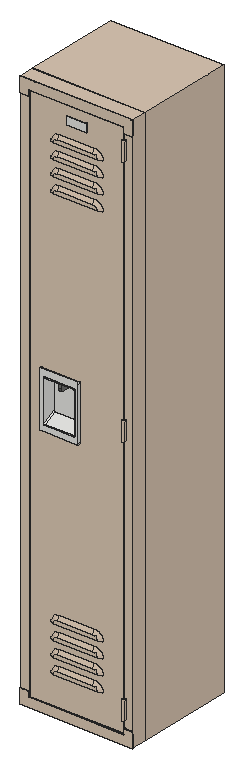
Revit family "Locker_SalsburyInd_Metal-1-Tier-Single", category Specialty Equipment, Revit 2026 (continued)
Definition of nested family "ML_Base Type"
  Automatic sketch dimensions
    Extrusion 2 sketch curve to plane 5 "Left Side of Unit" = 0.000"
    plane 8 "Front of Unit" to Extrusion 2 sketch curve = 0.000"
    Extrusion 2 sketch curve to plane 20 "Inside Edge or Left Rear Leg" = 0.000"
    plane 14 to Extrusion 2 sketch curve = 0.060"
    plane 8 "Front of Unit" to Extrusion 2 sketch curve = 0.060"
    plane 10 "Left Side of Door Opening" to Extrusion 2 sketch curve = 0.060"
    plane 5 "Left Side of Unit" to Extrusion 2 sketch curve = 0.060"
    plane 11 "Back Edge of Front Facing" to Extrusion 1 sketch curve = 0.000"
    Extrusion 1 sketch curve to plane 13 "Inside Edge of Right Leg" = 0.000"
    plane 14 to Extrusion 1 sketch curve = 0.000"
    Extrusion 1 sketch curve to plane 6 "Right Side of Unit" = 0.000"
    plane 8 "Front of Unit" to Extrusion 1 sketch curve = 0.000"
    Extrusion 1 sketch curve to plane 19 "Inside Edge or Rear Right Leg" = 0.000"
    Extrusion 1 sketch curve to plane 14 = 0.060"
    Extrusion 1 sketch curve to plane 8 "Front of Unit" = 0.060"
    plane 9 "Right Side of Door Opening" to Extrusion 1 sketch curve = 0.060"
    plane 6 "Right Side of Unit" to Extrusion 1 sketch curve = 0.060"
Definition of nested family "ML_Base Side"
  Parameters (values of type "Zee Base Corner")
    Zee Corner = yes
    Zee = no
    Width including Rivet [instance] = 1.290"
    Leg = no
    Locker Depth [instance] = 12.010"
    Version = "1.0 (11/30/15)"
    Type Comments = "End Base for Standard Metal Lockers"
    Model = ""
    MasterFormat Title = ""
    MasterFormat Number = ""
    Manufacturer = "Salsbury Industries"
    Finish [instance] = none
    Description = ""
    Width = 4.000"
    Height = 4.000"
    Default Elevation = 0.000"
    Assembly Code = ""
  Types (4): name | Zee Corner | Zee | Leg | Locker Depth
    Leg Side Base Cover | no | no | yes | 10.362"
    Zee Base Cover | no | yes | no | 12.010"
    None | yes | no | no | 10.362"
    Zee Base Corner | yes | no | no | 12.010"
  Reference planes (in)
    plane 1 "Center (Front/Back)": y = 0
    plane 2: z = 0
    plane 3 "Center (Left/Right)": x = 3.99
    plane 4 "Floor": z = 0
    plane 5 "Locker Edge": x = 5.99
    plane 6 "Left Edge of Enclosure": y = -4.357
    plane 7 "Right Edge of Enclosure": y = 6.005
    plane 8 "Bottom Edge of Enclosure": z = 0.06
    plane 9 "Left Edge of Base": x = 1.99
    plane 10: y = -6.005
  Forms (in)
    Extrusion 1, solid, material <- "Finish", visible <- "Zee"
      sketch origin (0, 0, 0) x (0, -1, 0) y (1, 0, 0)
        loop
          line (-6.005, 1.99) -> (4.357, 1.99) -> (4.357, 5.99) -> (-6.005, 5.99) -> (-6.005, 1.99)
      from 0.06 to 4
    Extrusion 2, solid, material <- "Finish", visible <- "Leg"
      sketch origin (5.99, 0.794, 0) x (0, 0, -1) y (0, -1, 0)
        loop
          line (-6, 5.211) -> (-6, -4.211) -> (-0.06, -4.211) -> (-0.06, 5.211) -> (-6, 5.211)
      from 0 to 1.25
    Extrusion 3, solid, material <- "Finish", visible <- "Zee Corner"
      sketch origin (6.99, -5.357, 0) x (1, 0, 0) y (0, 1, 0)
        loop
          line (-1, 1) -> (-1, 0.94) -> (0.94, 0.94) -> (0.94, -1) -> (1, -1) -> (1, 1) -> (-1, 1)
      from 0 to 3.94
  Dimensions and locks (in)
    "Width": plane 9 "Left Edge of Base" to plane 5 "Locker Edge"
    equal spacing: plane 9 "Left Edge of Base", plane 3 "Center (Left/Right)", plane 5 "Locker Edge"
    locked: plane 4 "Floor" to plane 8 "Bottom Edge of Enclosure" at 0.06
    equal spacing: plane 10, plane 1 "Center (Front/Back)", plane 7 "Right Edge of Enclosure"
    "Locker Depth": plane 10 to plane 7 "Right Edge of Enclosure"
    locked: plane 6 "Left Edge of Enclosure" to plane 10 at 1.648
    locked: plane 10 to Extrusion 2 sketch curve at 1.588
    locked: Extrusion 2 sketch curve to plane 7 "Right Edge of Enclosure" at 1
    aligned and locked: level to plane 2
    aligned and locked: Extrusion 1 to plane 7 "Right Edge of Enclosure"
    aligned and locked: plane 8 "Bottom Edge of Enclosure" to Extrusion 1
    aligned and locked: Extrusion 1 sketch curve to plane 9 "Left Edge of Base"
  Automatic sketch dimensions
    Extrusion 1 sketch curve to plane 5 "Locker Edge" = 0.000"
    plane 7 "Right Edge of Enclosure" to Extrusion 1 sketch curve = 0.000"
    Extrusion 1 sketch curve to plane 6 "Left Edge of Enclosure" = 0.000"
    level to Extrusion 2 sketch curve = 0.060"
    Extrusion 2 sketch curve to plane 8 "Bottom Edge of Enclosure" = 5.940"
    Extrusion 3 sketch curve to plane 5 "Locker Edge" = 0.000"
    plane 6 "Left Edge of Enclosure" to Extrusion 3 sketch curve = 0.000"
    plane 6 "Left Edge of Enclosure" to Extrusion 3 sketch curve = 0.060"
    Extrusion 3 sketch curve to Extrusion 3 sketch curve = 1.940"
    Extrusion 3 sketch curve to Extrusion 3 sketch curve = 0.060"
    Extrusion 3 sketch curve to plane 10 = 0.352"
Definition of nested family "ML_End Panel"
  Parameters (values of type "Double")
    controldepth [instance] = if(Single End Panel, Depth, Depth * 2)  # 24.020"
    Width = 0.925"
    Visible = yes
    Version = "1.0 (11/30/15)"
    Type Comments = "Finished Double End Panel for Standard Metal Lockers"
    Single End Panel = no
    Model = ""
    MasterFormat Title = ""
    MasterFormat Number = ""
    Manufacturer = "Salsbury Industries"
    Height [instance] = 60.000"
    Finish [instance] = none
    Description = "Double End Panel"
    Depth [instance] = 12.010"
    Default Elevation = 0.000"
    Base Height [instance] = 0.750"
    Assembly Code = ""
  Types (3): name | controldepth | Visible | Type Comments | Single End Panel | Model | Height | Description
    Single | 12.010" | yes | "Finished End Panel for Standard Metal Lockers" | yes | "" | 60.000" | "End Panel"
    None | 12.010" | no | "Finished End Panel for Standard Metal Lockers" | yes | "n/a" | 72.000" | ""
    Double | 24.020" | yes | "Finished Double End Panel for Standard Metal Lockers" | no | "" | 60.000" | "Double End Panel"
  Reference planes (in)
    plane 1 "Center (Front/Back)": y = -2.167
    plane 2: z = 0
    plane 3 "Center (Left/Right)": x = -4.595
    plane 4 "Bottom of Panel": z = 0
    plane 5 "Top of Panel": z = 60
    plane 6 "Front of Panel": y = -14.177
    plane 7 "Right Side of Enclosure": x = -4.1325
    plane 8 "Left Side of Enclosure": x = -5.0575
    plane 9 "Back of Panel": y = 9.843
    plane 10: z = 30
    plane 11: z = 58.283
    plane 12: z = 1.717
    plane 13 "Outside Edge of Front Flap": y = -14.23714
    plane 14 "Outside Edge of Back Flap": y = 9.903
    plane 15: z = -0.75
  Forms (in)
    Extrusion 1, solid, material <- "Finish", visible <- "Visible"
      sketch origin (-4.1325, 0.48244, 0) x (0, 0, -1) y (0, -1, 0)
        loop
          line (-60, 14.71958) -> (-60, -9.42056) -> (0.75, -9.42056) -> (0.75, 14.71958) -> (-60, 14.71958)
      from 0 to -0.06
    Extrusion 2, solid, material <- "Finish", visible <- "Visible"
      sketch origin (0, 9.843, 0) x (0, 0, -1) y (1, 0, 0)
        loop
          line (-60, -5.0575) -> (0.75, -5.0575) -> (0.75, -4.1325) -> (-60, -4.1325) -> (-60, -5.0575)
      from 0 to -0.06
    Extrusion 3, solid, material <- "Finish", visible <- "Visible"
      sketch origin (0, -14.177, 0) x (1, 0, 0) y (0, 0, 1)
        loop
          line (-5.0575, 58.283) -> (-5.0575, 1.717) -> (-4.1325, 1.717) -> (-4.1325, 58.283) -> (-5.0575, 58.283)
      from 0.06014 to 0
  Dimensions and locks (in)
    equal spacing: plane 6 "Front of Panel", plane 1 "Center (Front/Back)", plane 9 "Back of Panel"
    "controldepth": plane 6 "Front of Panel" to plane 9 "Back of Panel"
    equal spacing: plane 8 "Left Side of Enclosure", plane 3 "Center (Left/Right)", plane 7 "Right Side of Enclosure"
    "Width": plane 8 "Left Side of Enclosure" to plane 7 "Right Side of Enclosure"
    locked: plane 5 "Top of Panel" to plane 11 at 1.717
    locked: plane 13 "Outside Edge of Front Flap" to plane 6 "Front of Panel" at 0.06014
    locked: plane 9 "Back of Panel" to plane 14 "Outside Edge of Back Flap" at 0.06
    "Base Height": level to plane 15
    locked: plane 12 to level at 1.717
    equal spacing: plane 5 "Top of Panel", plane 10, level
    "Height": plane 5 "Top of Panel" to level
    aligned and locked: level to plane 2
    aligned and locked: plane 5 "Top of Panel" to Extrusion 1 sketch curve
    aligned and locked: plane 5 "Top of Panel" to Extrusion 2 sketch curve
    aligned and locked: Extrusion 2 to plane 9 "Back of Panel"
    aligned and locked: plane 11 to Extrusion 3 sketch curve
    aligned and locked: plane 6 "Front of Panel" to Extrusion 3
    aligned and locked: plane 14 "Outside Edge of Back Flap" to Extrusion 2
    aligned and locked: Extrusion 1 to plane 14 "Outside Edge of Back Flap"
    aligned and locked: plane 13 "Outside Edge of Front Flap" to Extrusion 3
    aligned and locked: plane 7 "Right Side of Enclosure" to Extrusion 2
    aligned and locked: Extrusion 3 to plane 7 "Right Side of Enclosure"
    aligned and locked: Extrusion 1 to plane 15
    aligned and locked: Extrusion 2 to plane 15
  Automatic sketch dimensions
    Extrusion 1 sketch curve to level = 0.750"
    Extrusion 2 sketch curve to level = 0.750"
    plane 8 "Left Side of Enclosure" to Extrusion 2 sketch curve = 0.000"
    plane 7 "Right Side of Enclosure" to Extrusion 2 sketch curve = 0.000"
    plane 8 "Left Side of Enclosure" to Extrusion 3 sketch curve = 0.000"
    Extrusion 3 sketch curve to plane 12 = 0.000"
    plane 7 "Right Side of Enclosure" to Extrusion 3 sketch curve = 0.000"
    Extrusion 1 sketch curve to plane 14 "Outside Edge of Back Flap" = 0.000"
    plane 6 "Front of Panel" to Extrusion 1 sketch curve = 0.06014"
Definition of nested family "ML_Front Filler"
  Parameters (values of type "Width as Specified")
    Width [instance] = 9.000"
    Visible = yes
    Version = "1.0 (11/30/15)"
    Type Comments = "Vertical Front Filler for Standard Metal Lockers"
    Model = ""
    MasterFormat Title = ""
    MasterFormat Number = ""
    Manufacturer = "Salsbury Industries"
    Height [instance] = 60.000"
    Finish [instance] = none
    Description = "Vertical Front Filler"
    Depth = 1.000"
    Default Elevation = 48.000"
    Base Height [instance] = 3.000"
    Assembly Code = ""
  Types (2): name | Width | Visible | Model | Height | Description | Depth
    None | 15.000" | no | "n/a" | 78.000" | "" | 1.500"
    Width as Specified | 9.000" | yes | "" | 60.000" | "Vertical Front Filler" | 1.000"
  Reference planes (in)
    plane 1 "Center (Front/Back)": y = -2.167
    plane 2: z = 0
    plane 3 "Center (Left/Right)": x = -4.595
    plane 4 "Bottom of Filler": z = 0
    plane 5 "Top of Panel": z = 63
    plane 6 "Front of Filler": y = -2.667
    plane 7 "Right Side of Filler": x = -0.095
    plane 8 "Left Side of Filler": x = -9.095
    plane 9 "Back of Filler": y = -1.667
    plane 10: z = 33
    plane 11: z = 3
  Forms (in)
    Extrusion 1, solid, material <- "Finish", visible <- "Visible"
      sketch origin (0, 0, 0) x (0, -1, 0) y (1, 0, 0)
        loop
          line (1.667, -9.095) -> (2.667, -9.095) -> (2.667, -1.095) -> (2.619, -1.095) -> (2.619, -9.047) -> (1.667, -9.047) -> (1.667, -9.095)
      from 0 to 63
    Extrusion 2, solid, material <- "Finish", visible <- "Visible"
      sketch origin (0, -0.20425, 0) x (0, -1, 0) y (1, 0, 0)
        loop
          line (1.55875, -0.095) -> (1.55875, -0.143) -> (2.51075, -0.143) -> (2.51075, -0.82524) -> (2.36675, -0.82524) -> (2.36675, -1.80024) -> (2.41475, -1.80024) -> (2.41475, -1.095) -> (2.46275, -1.095) -> (2.46275, -1.595) -> (2.55875, -1.595) -> (2.55875, -0.095) -> (1.55875, -0.095)
      from 0 to 63
  Dimensions and locks (in)
    equal spacing: plane 6 "Front of Filler", plane 1 "Center (Front/Back)", plane 9 "Back of Filler"
    "Depth": plane 6 "Front of Filler" to plane 9 "Back of Filler"
    equal spacing: plane 8 "Left Side of Filler", plane 3 "Center (Left/Right)", plane 7 "Right Side of Filler"
    "Width": plane 8 "Left Side of Filler" to plane 7 "Right Side of Filler"
    "Height": plane 5 "Top of Panel" to plane 11
    equal spacing: plane 5 "Top of Panel", plane 10, plane 11
    "Base Height": plane 11 to level
    locked: Extrusion 1 sketch curve to plane 7 "Right Side of Filler" at 1
    Extrusion 2 sketch curve to Extrusion 2 sketch curve to Extrusion 2 sketch curve to Extrusion 2 sketch curve to plane 7 "Right Side of Filler" = 0.20524" locked, 0.500" locked, 0.26976" locked, 0.73024" locked
    aligned and locked: level to plane 2
    aligned and locked: Extrusion 1 to plane 5 "Top of Panel"
    aligned and locked: Extrusion 2 to plane 5 "Top of Panel"
  Automatic sketch dimensions
    plane 9 "Back of Filler" to Extrusion 1 sketch curve = 0.000"
    plane 6 "Front of Filler" to Extrusion 1 sketch curve = 0.000"
    Extrusion 1 sketch curve to plane 8 "Left Side of Filler" = 0.000"
    Extrusion 1 sketch curve to plane 6 "Front of Filler" = 0.048"
    Extrusion 1 sketch curve to Extrusion 1 sketch curve = 0.048"
    Extrusion 2 sketch curve to plane 7 "Right Side of Filler" = 0.000"
    plane 6 "Front of Filler" to Extrusion 2 sketch curve = 0.000"
    Extrusion 2 sketch curve to plane 6 "Front of Filler" = 0.048"
    Extrusion 2 sketch curve to Extrusion 2 sketch curve = 0.048"  (x2)
    plane 9 "Back of Filler" to Extrusion 2 sketch curve = 0.096"
    Extrusion 2 sketch curve to Extrusion 2 sketch curve = 0.096"
    plane 7 "Right Side of Filler" to Extrusion 2 sketch curve = 0.048"
Definition of nested family "ML_Top Filler"
  Parameters (values of type "Flat Top In-Line")
    Width [instance] = 15.000"
    Version = "1.0 (11/30/15)"
    Type Comments = "Flat Top In-Line Filler for Standard Metal Lockers"
    Sloped Height [instance] = if(Depth = 12.000", 6.625", if(Depth = 15.000", 8.682", if(Depth = 18.000", 10.739", 0.000")))  # 6.625"
    SlopeInline = no
    SlopeCorner = no
    Model = ""
    MasterFormat Title = ""
    MasterFormat Number = ""
    Manufacturer = "Salsbury Industries"
    FlatInline = yes
    FlatCorner = no
    Finish [instance] = none
    Description = "Flat Top In-Line Filler"
    Depth [instance] = 12.000"
    Default Elevation = 48.000"
    Corner Width [instance] = Depth + 0.625"  # 12.625"
    Assembly Code = ""
  Types (5): name | Type Comments | SlopeInline | SlopeCorner | FlatInline | FlatCorner | Description
    None | "Top Filler for Standard Metal Lockers" | no | no | no | no | "Top Filler"
    Sloped In-Line | "Sloping Hood In-Line Filler for Standard Metal Lockers" | yes | no | no | no | "Sloping Hood In-Line Filler"
    Flat Top In-Line | "Flat Top In-Line Filler for Standard Metal Lockers" | no | no | yes | no | "Flat Top In-Line Filler"
    Flat Top Corner | "Flat Top Corner Filler for Standard Metal Lockers" | no | no | no | yes | "Flat Top Corner Filler"
    Sloped Corner | "Sloping Hood Corner Filler for Standard Metal Lockers" | no | yes | no | no | "Sloping Hood Corner Filler"
  Reference planes (in)
    plane 1 "Center (Front/Back)": y = -2.167
    plane 2: z = 0
    plane 3 "Center (Left/Right)": x = -4.595
    plane 4 "Bottom of Panel": z = 0
    plane 5 "Front of Panel": y = -8.167
    plane 6 "Right Side of Enclosure": x = 10.405
    plane 7 "Back of Panel": y = 3.833
    plane 8: z = 6.625
    plane 9: y = -8.2295
    plane 10: x = -5.22
  Forms (in)
    Extrusion 1, solid, material <- "Finish", visible <- "SlopeInline"
      sketch origin (-4.595, 0, 0) x (0, 1, 0) y (0, 0, 1)
        loop
          line (-8.2775, 0.04551) -> (-8.2775, -1.028) -> (-8.2295, -1.028) -> (-8.2295, 0) -> (3.833, 6.625) -> (3.833, 6.69688) -> (-8.2775, 0.04551)
      from 0 to 15
    Extrusion 2, solid, material <- "Finish", visible <- "FlatInline"
      sketch origin (-4.595, 0.26285, 0) x (0, 1, 0) y (0, 0, 1)
        loop
          line (-8.54035, -1.028) -> (-8.49235, -1.028) -> (-8.49235, 0) -> (3.57015, 0) -> (3.57015, 0.048) -> (-8.54035, 0.048) -> (-8.54035, -1.028)
      from 0 to 15
    Extrusion 3, solid, material <- "Finish", visible <- "FlatCorner"
      sketch origin (6.3125, -0.3125, 0) x (0, -1, 0) y (1, 0, 0)
        loop
          line (7.8545, -11.5325) -> (7.8545, -10.9075) -> (8.4795, -10.9075) -> (8.4795, 1.0925) -> (-4.1455, 1.0925) -> (-4.1455, -11.5325) -> (7.8545, -11.5325)
      from 0 to 0.048
    Extrusion 4, solid, material <- "Finish", visible <- "SlopeCorner"
      sketch origin (-5.22, -180, 0.048) x (0, 0, 1) y (0, -1, 0)
        loop
          line (-0.00249, -171.7225) -> (-0.048, -171.7225) -> (-0.048, -171.7705) -> (6.577, -183.833) -> (6.64888, -183.833) -> (-0.00249, -171.7225)
      from 0 to 12.625 <- "Corner Width"
    Extrusion 5, solid, material <- "Finish", visible <- "SlopeCorner"
      sketch origin (0.34565, 3.833, -4.20312) x (0, 0, -1) y (1, 0, 0)
        loop
          line (-4.24872, -5.05115) -> (-4.20312, -5.05115) -> (-4.20312, -5.00315) -> (-10.82812, 7.05935) -> (-10.90008, 7.05935) -> (-4.24872, -5.05115)
      from 0 to 12.625 <- "Corner Width"
    Extrusion 6, void
      sketch origin (0, 0, 0) x (0, -1, 0) y (1, 0, 0)
        loop
          line (-3.833, -5.22) -> (8.792, -5.22) -> (-3.833, 7.405) -> (-3.833, -5.22)
      from -1.028 to 21.6885
    Extrusion 7, void
      sketch origin (3.572, -3.572, 0) x (-1, 0, 0) y (0, -1, 0)
        loop
          line (-3.833, 5.22) -> (-3.833, -7.405) -> (8.2775, 4.7055) -> (8.2775, 5.22) -> (-3.833, 5.22)
      from 19.08316 to -2.57539
  Cuts and joins
    Extrusion 7 cuts Extrusion 4
    Extrusion 6 cuts Extrusion 5
  Dimensions and locks (in)
    equal spacing: plane 5 "Front of Panel", plane 1 "Center (Front/Back)", plane 7 "Back of Panel"
    "Depth": plane 5 "Front of Panel" to plane 7 "Back of Panel"
    "Width": plane 3 "Center (Left/Right)" to plane 6 "Right Side of Enclosure"
    "Sloped Height": plane 8 to level
    locked: plane 9 to plane 5 "Front of Panel" at 0.0625
    locked: Extrusion 1 sketch curve to Extrusion 1 sketch curve at 0.063
    locked: Extrusion 1 sketch curve to plane 9 at 0.048
    Extrusion 2 sketch curve to plane 9 to Extrusion 2 sketch curve = 0.048" locked, 0.000" locked
    "Corner Width": Extrusion 3 sketch curve to plane 7 "Back of Panel"
    "Corner Width": Extrusion 3 sketch curve to Extrusion 3 sketch curve
    locked: Extrusion 3 sketch curve to plane 3 "Center (Left/Right)" at 0.625
    locked: Extrusion 4 sketch curve to plane 9 at 0.048
    locked: Extrusion 4 sketch curve to Extrusion 4 sketch curve at 0.063
    locked: plane 3 "Center (Left/Right)" to plane 10 at 0.625
    "Corner Width": plane 10 to Extrusion 6 sketch curve
    "Corner Width": Extrusion 6 sketch curve to plane 7 "Back of Panel"
    "Corner Width": Extrusion 7 sketch curve to plane 7 "Back of Panel"
    "Corner Width": plane 10 to Extrusion 7 sketch curve
    "Corner Width": Extrusion 5 sketch curve to plane 10
    locked: Extrusion 5 sketch curve to Extrusion 5 sketch curve at 0.06308
    plane 3 "Center (Left/Right)" to Extrusion 5 sketch curve to Extrusion 5 sketch curve = 0.0625" locked, 0.048" locked
    locked: Extrusion 7 sketch curve to plane 3 "Center (Left/Right)" at 0.1105
    aligned and locked: level to plane 2
    aligned and locked: Extrusion 1 to plane 6 "Right Side of Enclosure"
    aligned and locked: Extrusion 1 to plane 3 "Center (Left/Right)"
    aligned and locked: plane 8 to Extrusion 1 sketch curve
    aligned and locked: Extrusion 1 sketch curve to plane 7 "Back of Panel"
    aligned and locked: level to Extrusion 1 sketch curve
    aligned and locked: Extrusion 1 sketch curve to plane 9
    aligned and locked: plane 7 "Back of Panel" to Extrusion 2 sketch curve
    aligned and locked: Extrusion 2 to plane 3 "Center (Left/Right)"
    aligned and locked: Extrusion 2 to plane 6 "Right Side of Enclosure"
    aligned and locked: plane 3 "Center (Left/Right)" to Extrusion 3 sketch curve
    aligned and locked: Extrusion 3 sketch curve to plane 5 "Front of Panel"
    aligned and locked: plane 9 to Extrusion 4 sketch curve
    aligned and locked: Extrusion 4 sketch curve to level
    aligned and locked: plane 8 to Extrusion 4 sketch curve
    aligned and locked: plane 7 "Back of Panel" to Extrusion 4 sketch curve
    aligned and locked: Extrusion 5 sketch curve to level
    aligned and locked: Extrusion 6 sketch curve to plane 7 "Back of Panel"
    aligned and locked: Extrusion 6 sketch curve to plane 10
    aligned and locked: plane 8 to Extrusion 5 sketch curve
  Automatic sketch dimensions
    Extrusion 1 sketch curve to level = 1.028"
    Extrusion 2 sketch curve to level = 0.000"
    Extrusion 2 sketch curve to level = 1.028"
    level to Extrusion 2 sketch curve = 0.048"
    plane 7 "Back of Panel" to Extrusion 3 sketch curve = 0.000"
    plane 7 "Back of Panel" to Extrusion 7 sketch curve = 0.000"
    plane 9 to Extrusion 7 sketch curve = 0.048"
